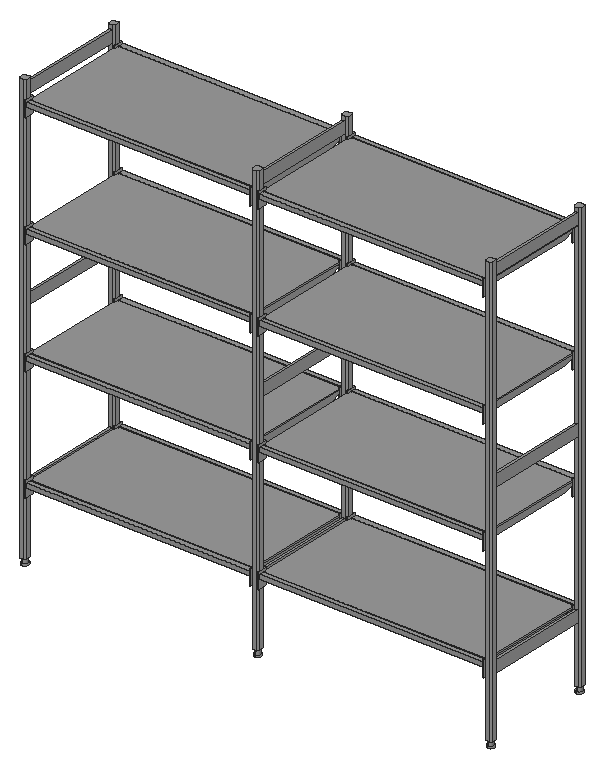
Revit family "QF_ELECTROLUXPROFESSIONAL_137042_BLS1872", category Attrezzature speciali, Revit 2020
Family settings
  Quota connettore circolare = Usa diametro
  Tipo di parte = Normale
  Basato su piano di lavoro = No
  Sempre verticale = Sì
  Taglio con vuoti quando caricato = No
  Condiviso = No
  Punto di calcolo locali = No
Parameters (values of type "Standard")
  Weight = 36.00 kg
  Watts = 0 W
  Volts = 0 V
  URL Manufacturer = "https://www.electroluxprofessional.com/"
  URL = "https://www.electroluxprofessional.com/"
  Steam Supply Size = 0 mm
  Steam Supply Minimum Pressure = 0.0 Pa
  Steam Supply Maximum Pressure = 0.0 Pa
  Steam Consumption per Hour = 0
  Refrigeration Suction Line Size = 0.0 mm
  Refrigeration Liquid Line Size = 0.0 mm
  Refrigerant Compressor Remote = yes
  Prospetto di default = 0.0 mm
  Phase = 0
  Modello = "BLS1872"
  Produttore = "Electrolux Professional"
  Length Actual = 1872.0 mm  # constant formula
  Item Number = "137042"
  Hot Water Size = 0 mm
  Height Actual = 1700.0 mm  # constant formula
  HP = "0 HP"
  Gas Size = 0 mm
  Gas KW = 0
  Gas Input Pressure = 0 W
  Direct Waste Size = 0 mm
  Descrizione = "ALUM.LINEAR SHELV.-POLY.TIERS-475X1872MM"
  Depth Actual = 475.0 mm  # constant formula
  Cycle = 0 Hz
  Condensate Return Size = 0 mm
  Compressed Air Volume = 0.0 L/s
  Compressed Air Size = 0 mm
  Compressed Air Pressure = 0.0 Pa
  Cold Water Size = 0 mm
  Accessory = yes
Reference planes
  plane 1: z = 0
  plane 2 "CenterLeft": x = -31
  plane 3 "LEFT": x = -417
  plane 4 "BACK": y = 23
  plane 5 "FRONT": y = -452
  plane 6 "TOP": z = 1700
  plane 7: x = -385
  plane 8: x = 501
  plane 9 "Center (Front/Back)": y = -214.5
  plane 10: y = -8.5
  plane 11: y = -420.5
  plane 12 "FEET": z = 25
  plane 13: z = 275
  plane 14: z = 725
  plane 15: z = 1175
  plane 16: z = 1625
  plane 17 "CXLeft": x = -403
  plane 18 "Center (Left/Right)": x = 519
  plane 19: y = 5.5
  plane 20 "CYBack": y = 5.5
  plane 21 "CYFront": y = -434.5
  plane 22 "RIGHT": x = 1455
  plane 23: x = 1423
  plane 24 "CXRight": x = 1441
  plane 25: x = 537
Forms (mm)
  Extrusion 1, solid, material "QF_Aluminum"
    sketch origin (-417, 0, -4.006) x (0, 1, 0) y (0, 0, 1)
      loop
        line (-12, 1637.003) -> (4, 1637.003) -> (4, 1655) -> (2.007, 1655) -> (2.007, 1648.501) -> (-431, 1648.501) -> (-431, 1655) -> (-433, 1655) -> (-433, 1637.003) -> (-417, 1637.003) -> (-383, 1625) -> (-46, 1625) -> (-12, 1637.003)
      loop
        line (-12, 1187.003) -> (4, 1187.003) -> (4, 1205) -> (2.007, 1205) -> (2.007, 1198.501) -> (-431, 1198.501) -> (-431, 1205) -> (-433, 1205) -> (-433, 1187.003) -> (-417, 1187.003) -> (-383, 1175) -> (-46, 1175) -> (-12, 1187.003)
      loop
        line (-12, 737.003) -> (4, 737.003) -> (4, 755) -> (2.007, 755) -> (2.007, 748.501) -> (-431, 748.501) -> (-431, 755) -> (-433, 755) -> (-433, 737.003) -> (-417, 737.003) -> (-383, 725) -> (-46, 725) -> (-12, 737.003)
      loop
        line (-12, 287.003) -> (4, 287.003) -> (4, 305) -> (2.007, 305) -> (2.007, 298.501) -> (-431, 298.501) -> (-431, 305) -> (-433, 305) -> (-433, 287.003) -> (-417, 287.003) -> (-383, 275) -> (-46, 275) -> (-12, 287.003)
    from 37 to 32
  Extrusion 2, solid, material "QF_Aluminum"
    sketch origin (-417, 0, 0) x (0, 1, 0) y (0, 0, 1)
      loop
        line (23, 246.005) -> (23, 307.993) -> (-12.993, 307.993) -> (-12.993, 246.005) -> (23, 246.005)
      loop
        line (-452, 246.005) -> (-416.007, 246.005) -> (-416.007, 307.993) -> (-452, 307.993) -> (-452, 246.005)
      loop
        line (23, 696.005) -> (23, 757.993) -> (-12.993, 757.993) -> (-12.993, 696.005) -> (23, 696.005)
      loop
        line (-452, 696.005) -> (-416.007, 696.005) -> (-416.007, 757.993) -> (-452, 757.993) -> (-452, 696.005)
      loop
        line (23, 1146.005) -> (23, 1207.993) -> (-12.993, 1207.993) -> (-12.993, 1146.005) -> (23, 1146.005)
      loop
        line (-452, 1146.005) -> (-416.007, 1146.005) -> (-416.007, 1207.993) -> (-452, 1207.993) -> (-452, 1146.005)
      loop
        line (23, 1596.005) -> (23, 1657.993) -> (-12.993, 1657.993) -> (-12.993, 1596.005) -> (23, 1596.005)
      loop
        line (-452, 1596.005) -> (-416.007, 1596.005) -> (-416.007, 1657.993) -> (-452, 1657.993) -> (-452, 1596.005)
    from 28 to 32
  Extrusion 3, solid, material "QF_Aluminum"
    sketch origin (-417, 0, 0) x (0, 1, 0) y (0, 0, 1)
      loop
        line (4, 1650.994) -> (4, 1632.998) -> (23, 1632.998) -> (23, 1650.994) -> (4, 1650.994)
      loop
        line (-433, 1650.994) -> (-452, 1650.994) -> (-452, 1632.998) -> (-433, 1632.998) -> (-433, 1650.994)
      loop
        line (4, 1200.994) -> (4, 1182.998) -> (23, 1182.998) -> (23, 1200.994) -> (4, 1200.994)
      loop
        line (-433, 1200.994) -> (-452, 1200.994) -> (-452, 1182.998) -> (-433, 1182.998) -> (-433, 1200.994)
      loop
        line (4, 750.994) -> (4, 732.998) -> (23, 732.998) -> (23, 750.994) -> (4, 750.994)
      loop
        line (-433, 750.994) -> (-452, 750.994) -> (-452, 732.998) -> (-433, 732.998) -> (-433, 750.994)
      loop
        line (4, 300.994) -> (4, 282.998) -> (23, 282.998) -> (23, 300.994) -> (4, 300.994)
      loop
        line (-433, 300.994) -> (-452, 300.994) -> (-452, 282.998) -> (-433, 282.998) -> (-433, 300.994)
    from 32 to 918
  Extrusion 4, solid, material "QF_Polyethylene"
    sketch origin (-417, 0, 0) x (0, 1, 0) y (0, 0, 1)
      loop
        line (2.007, 1650.994) -> (-431, 1650.994) -> (-431, 1644.496) -> (2.007, 1644.496) -> (2.007, 1650.994)
      loop
        line (2.007, 1200.994) -> (-431, 1200.994) -> (-431, 1194.496) -> (2.007, 1194.496) -> (2.007, 1200.994)
      loop
        line (2.007, 750.994) -> (-431, 750.994) -> (-431, 744.496) -> (2.007, 744.496) -> (2.007, 750.994)
      loop
        line (2.007, 300.994) -> (-431, 300.994) -> (-431, 294.496) -> (2.007, 294.496) -> (2.007, 300.994)
    from 32 to 918
  Extrusion 5, solid, material "QF_Aluminum"
    sketch origin (1455, 0, 0) x (0, 1, 0) y (0, 0, 1)
      loop
        line (4, 1650.994) -> (4, 1632.998) -> (23, 1632.998) -> (23, 1650.994) -> (4, 1650.994)
      loop
        line (-433, 1650.994) -> (-452, 1650.994) -> (-452, 1632.998) -> (-433, 1632.998) -> (-433, 1650.994)
      loop
        line (4, 1200.994) -> (4, 1182.998) -> (23, 1182.998) -> (23, 1200.994) -> (4, 1200.994)
      loop
        line (-433, 1200.994) -> (-452, 1200.994) -> (-452, 1182.998) -> (-433, 1182.998) -> (-433, 1200.994)
      loop
        line (4, 750.994) -> (4, 732.998) -> (23, 732.998) -> (23, 750.994) -> (4, 750.994)
      loop
        line (-433, 750.994) -> (-452, 750.994) -> (-452, 732.998) -> (-433, 732.998) -> (-433, 750.994)
      loop
        line (4, 300.994) -> (4, 282.998) -> (23, 282.998) -> (23, 300.994) -> (4, 300.994)
      loop
        line (-433, 300.994) -> (-452, 300.994) -> (-452, 282.998) -> (-433, 282.998) -> (-433, 300.994)
    from -32 to -918
  Extrusion 6, solid, material "QF_Polyethylene"
    sketch origin (1455, 0, 0) x (0, 1, 0) y (0, 0, 1)
      loop
        line (2.007, 1650.994) -> (-431, 1650.994) -> (-431, 1644.496) -> (2.007, 1644.496) -> (2.007, 1650.994)
      loop
        line (2.007, 1200.994) -> (-431, 1200.994) -> (-431, 1194.496) -> (2.007, 1194.496) -> (2.007, 1200.994)
      loop
        line (2.007, 750.994) -> (-431, 750.994) -> (-431, 744.496) -> (2.007, 744.496) -> (2.007, 750.994)
      loop
        line (2.007, 300.994) -> (-431, 300.994) -> (-431, 294.496) -> (2.007, 294.496) -> (2.007, 300.994)
    from -32 to -918
Lines and regions (mm)
  symbolic lines
    curve 1: line (501, 4, 1700) -> (-385, 4, 1700)
    curve 2: line (-408, -8.5, 1700) -> (-408, -420.5, 1700)
    curve 3: line (-398, -420.5, 1700) -> (-398, -8.5, 1700)
    curve 4: line (-389, 23, 1700) -> (505, 23, 1700)
    curve 5: line (-385, -452, 1700) -> (501, -452, 1700)
    curve 6: line (533, 23, 1700) -> (1427, 23, 1700)
    curve 7: line (533, -452, 1700) -> (1427, -452, 1700)
    curve 8: line (-385, -433, 1700) -> (501, -433, 1700)
    curve 9: line (537, -433, 1700) -> (1423, -433, 1700)
    curve 10: line (537, 4, 1700) -> (1423, 4, 1700)
    curve 11: line (1423, -12.993, 1700) -> (1423, -416.007, 1700)
    curve 12: line (501, -12.993, 1700) -> (501, -416.007, 1700)
    curve 13: line (537, -416.007, 1700) -> (537, -12.993, 1700)
    curve 14: line (-385, -12.993, 1700) -> (-385, -416.007, 1700)
Dimensions and locks
  plane 3 "LEFT" to plane 2 "CenterLeft" = 386.0 mm
  locked: plane 6 "TOP" to level at 1700
  locked: plane 4 "BACK" to plane 5 "FRONT" at 475
  locked: plane 7 to plane 8 at 886
  locked: plane 10 to plane 11 at 412
  equal spacing: plane 10, plane 9 "Center (Front/Back)", plane 11
  equal spacing: plane 4 "BACK", plane 9 "Center (Front/Back)", plane 5 "FRONT"
  plane 12 "FEET" to level = 25.0 mm
  plane 6 "TOP" to plane 12 "FEET" = 1675.0 mm
  plane 13 to plane 12 "FEET" = 250.0 mm
  plane 14 to plane 13 = 450.0 mm
  plane 15 to plane 14 = 450.0 mm
  plane 16 to plane 15 = 450.0 mm
  locked: plane 4 "BACK" to plane 20 "CYBack" at 17.5
  locked: plane 21 "CYFront" to plane 5 "FRONT" at 17.5
  locked: plane 4 "BACK" to Extrusion 1 at 19
  locked: Extrusion 1 to plane 5 "FRONT" at 19
  Extrusion 1 sketch curve to plane 21 "CYFront" = 3.5 mm
  plane 3 "LEFT" to plane 22 "RIGHT" = 1872.0 mm
  locked: plane 25 to plane 23 at 886
  locked: plane 8 to plane 18 "Center (Left/Right)" at 18
  locked: plane 18 "Center (Left/Right)" to plane 25 at 18
  locked: plane 3 "LEFT" to plane 7 at 32
  locked: plane 24 "CXRight" to plane 22 "RIGHT" at 14
  aligned and locked: level to plane 1
  aligned and locked: plane 7 to Extrusion 1
  aligned and locked: Extrusion 2 to plane 7
  aligned and locked: plane 7 to Extrusion 4
  aligned and locked: Extrusion 4 to plane 8
  aligned and locked: plane 7 to Extrusion 3
  aligned and locked: Extrusion 3 to plane 8
  aligned and locked: Extrusion 3 sketch curve to Extrusion 1
  aligned and locked: Extrusion 1 to Extrusion 3 sketch curve
  aligned and locked: Extrusion 3 sketch curve to Extrusion 3 sketch curve  (x2)
  aligned and locked: Extrusion 1 sketch curve to Extrusion 1 sketch curve  (x3)
  aligned and locked: Extrusion 4 sketch curve to Extrusion 1  (x4)
  aligned and locked: Extrusion 5 sketch curve to Extrusion 5 sketch curve  (x2)
  aligned and locked: Extrusion 5 to plane 25
  aligned and locked: Extrusion 6 to plane 25
  aligned and locked: nested 3 to plane 18 "Center (Left/Right)"
  aligned and locked: nested 1 to plane 17 "CXLeft"
  aligned and locked: Extrusion 3 to plane 7  (x3)
  aligned and locked: plane 8 to Extrusion 3  (x4)
  aligned and locked: plane 25 to Extrusion 5  (x4)
  aligned and locked: plane 25 to Extrusion 6  (x4)
  aligned and locked: plane 8 to Extrusion 4  (x4)
  aligned and locked: nested 2 to plane 24 "CXRight"
  aligned and locked: Extrusion 5 to plane 23
  aligned and locked: Extrusion 6 to plane 23
  aligned and locked: plane 23 to Extrusion 5  (x3)
  aligned and locked: plane 23 to Extrusion 6  (x3)
Automatic sketch dimensions
  plane 21 "CYFront" to Extrusion 1 sketch curve = 1.5 mm  (x4)
  plane 11 to Extrusion 1 sketch curve = 3.5 mm  (x4)
  Extrusion 1 sketch curve to plane 13 = 4.006 mm
  Extrusion 1 sketch curve to Extrusion 1 sketch curve = 34.0 mm  (x4)
  Extrusion 1 sketch curve to plane 14 = 4.006 mm
  Extrusion 1 sketch curve to plane 15 = 4.006 mm
  Extrusion 1 sketch curve to plane 16 = 4.006 mm
  Extrusion 1 sketch curve to plane 10 = 37.5 mm  (x4)
  Extrusion 1 sketch curve to plane 10 = 3.5 mm  (x4)
  plane 19 to Extrusion 1 sketch curve = 3.493 mm  (x4)
  plane 19 to Extrusion 1 sketch curve = 1.5 mm  (x4)
  plane 13 to Extrusion 1 sketch curve = 7.998 mm  (x2)
  Extrusion 1 sketch curve to Extrusion 1 sketch curve = 11.498 mm  (x4)
  Extrusion 1 sketch curve to Extrusion 1 sketch curve = 6.499 mm  (x8)
  plane 14 to Extrusion 1 sketch curve = 7.998 mm  (x2)
  plane 15 to Extrusion 1 sketch curve = 7.998 mm  (x2)
  plane 16 to Extrusion 1 sketch curve = 7.998 mm  (x2)
  Extrusion 2 sketch curve to plane 5 "FRONT" = 0.0 mm  (x4)
  Extrusion 2 sketch curve to plane 4 "BACK" = 0.0 mm  (x4)
  plane 11 to Extrusion 2 sketch curve = 4.493 mm  (x4)
  Extrusion 2 sketch curve to plane 10 = 4.493 mm  (x4)
  Extrusion 2 sketch curve to plane 13 = 28.995 mm  (x2)
  plane 13 to Extrusion 2 sketch curve = 32.993 mm  (x2)
  Extrusion 2 sketch curve to plane 14 = 28.995 mm  (x2)
  plane 14 to Extrusion 2 sketch curve = 32.993 mm  (x2)
  Extrusion 2 sketch curve to plane 15 = 28.995 mm  (x2)
  plane 15 to Extrusion 2 sketch curve = 32.993 mm  (x2)
  Extrusion 2 sketch curve to plane 16 = 28.995 mm  (x2)
  plane 16 to Extrusion 2 sketch curve = 32.993 mm  (x2)
  Extrusion 3 sketch curve to plane 5 "FRONT" = 0.0 mm  (x4)
  Extrusion 3 sketch curve to plane 4 "BACK" = 0.0 mm  (x4)
  plane 19 to Extrusion 3 sketch curve = 1.5 mm  (x4)
  plane 13 to Extrusion 3 sketch curve = 7.998 mm  (x2)
  Extrusion 3 sketch curve to Extrusion 3 sketch curve = 17.997 mm  (x8)
  plane 14 to Extrusion 3 sketch curve = 7.998 mm  (x2)
  plane 15 to Extrusion 3 sketch curve = 7.998 mm  (x2)
  plane 16 to Extrusion 3 sketch curve = 7.998 mm  (x2)
  plane 19 to Extrusion 4 sketch curve = 3.493 mm  (x4)
  plane 13 to Extrusion 4 sketch curve = 19.496 mm
  Extrusion 4 sketch curve to Extrusion 4 sketch curve = 6.499 mm  (x4)
  plane 14 to Extrusion 4 sketch curve = 19.496 mm
  plane 15 to Extrusion 4 sketch curve = 19.496 mm
  plane 16 to Extrusion 4 sketch curve = 19.496 mm
  Extrusion 5 sketch curve to plane 5 "FRONT" = 0.0 mm  (x4)
  Extrusion 5 sketch curve to plane 4 "BACK" = 0.0 mm  (x4)
  plane 21 "CYFront" to Extrusion 5 sketch curve = 1.5 mm  (x2)
  plane 19 to Extrusion 5 sketch curve = 1.5 mm  (x4)
  plane 13 to Extrusion 5 sketch curve = 7.998 mm  (x2)
  Extrusion 5 sketch curve to Extrusion 5 sketch curve = 17.997 mm  (x8)
  plane 14 to Extrusion 5 sketch curve = 7.998 mm  (x2)
  plane 15 to Extrusion 5 sketch curve = 7.998 mm  (x2)
  plane 16 to Extrusion 5 sketch curve = 7.998 mm  (x2)
  plane 21 "CYFront" to Extrusion 6 sketch curve = 3.5 mm  (x4)
  plane 19 to Extrusion 6 sketch curve = 3.493 mm  (x4)
  plane 13 to Extrusion 6 sketch curve = 19.496 mm
  Extrusion 6 sketch curve to Extrusion 6 sketch curve = 6.499 mm  (x4)
  plane 14 to Extrusion 6 sketch curve = 19.496 mm
  plane 15 to Extrusion 6 sketch curve = 19.496 mm
  plane 16 to Extrusion 6 sketch curve = 19.496 mm
  curve 7 to plane 5 "FRONT" = 0.0 mm
  curve 5 to plane 5 "FRONT" = 0.0 mm
  curve 8 to plane 8 = 0.0 mm
  curve 9 to plane 25 = 0.0 mm
  curve 9 to plane 23 = 0.0 mm
  curve 8 to plane 7 = 0.0 mm
  curve 2 to plane 11 = 0.0 mm
  curve 3 to plane 11 = 0.0 mm
  curve 14 to plane 7 = 0.0 mm
  curve 13 to plane 25 = 0.0 mm
  curve 12 to plane 8 = 0.0 mm
  curve 11 to plane 23 = 0.0 mm
  curve 3 to plane 10 = 0.0 mm
  curve 2 to plane 10 = 0.0 mm
  curve 1 to plane 8 = 0.0 mm
  curve 1 to plane 7 = 0.0 mm
  curve 10 to plane 23 = 0.0 mm
  curve 10 to plane 25 = 0.0 mm
  curve 4 to plane 4 "BACK" = 0.0 mm
  curve 6 to plane 4 "BACK" = 0.0 mm
  curve 5 to plane 8 = 0.0 mm
  curve 5 to plane 7 = 0.0 mm
  plane 21 "CYFront" to curve 8 = 1.5 mm
  plane 21 "CYFront" to curve 9 = 1.5 mm
  plane 11 to curve 14 = 4.493 mm
  plane 11 to curve 13 = 4.493 mm
  plane 11 to curve 12 = 4.493 mm
  plane 11 to curve 11 = 4.493 mm
  curve 14 to plane 10 = 4.493 mm
  curve 13 to plane 10 = 4.493 mm
  curve 12 to plane 10 = 4.493 mm
  curve 11 to plane 10 = 4.493 mm
  plane 19 to curve 1 = 1.5 mm
  plane 19 to curve 10 = 1.5 mm
  curve 6 to plane 23 = 4.0 mm
  curve 7 to plane 23 = 4.0 mm
  curve 6 to plane 25 = 4.0 mm
  curve 7 to plane 25 = 4.0 mm
  curve 4 to plane 8 = 4.0 mm
  plane 7 to curve 4 = 4.0 mm
  plane 17 "CXLeft" to curve 3 = 5.0 mm
  curve 2 to plane 17 "CXLeft" = 5.0 mm
Nested families
  nested 1: "WT_Anta475" at (0, 0, 0), type "WT_Anta475"
  nested 2: "WT_Anta475" at (1038, 0, 0) x (-1, 0, 0) z (0, 0, 1), type "WT_Anta475"
  nested 3: "WT_Anta475Center" at (922, 0, 0), type "WT_Anta475Center"
Definition of nested family "WT_Anta475"
  Parameters
    WidthLeft = A + 64.0 mm  # 772.0 mm
    Width = 1606.0 mm
    Right = WidthLeft / 2  # 386.0 mm
    Default Elevation = 0.0 mm
    Left = -WidthLeft / 2  # -386.0 mm
    Height = 1725.0 mm
    FEET = 25.0 mm
    E = 0.0 mm
    Dint = Depth - 63.0 mm  # 412.0 mm
    Dext = Depth - 8.0 mm  # 467.0 mm
    Depth = 475.0 mm
    DX = (WidthLeft - A) / 2  # 32.0 mm
    B = 798.0 mm
    A = 708.0 mm
  Reference planes
    plane 1: z = 0
    plane 2 "LEFT": x = -417
    plane 3 "BACK": y = 23
    plane 4 "FRONT": y = -452
    plane 5 "TOP": z = 1725
    plane 6 "Center (Front/Back)": y = -214.5
    plane 7: y = -8.5
    plane 8: y = -420.5
    plane 9 "FEET": z = 25
    plane 10: z = 275
    plane 11: z = 725
    plane 12: z = 1175
    plane 13: z = 1625
    plane 14 "CXLeft": x = -403
    plane 15: y = 5.5
    plane 16 "CYBack": y = 5.5
    plane 17 "CYFront": y = -434.5
    plane 18: x = -385.031
    plane 19: x = -380.031
  Forms (mm)
    Extrusion 1, solid
      sketch origin (0, 0, 0) x (1, 0, 0) y (0, 1, 0)
        loop
          line (-417, 13.246) -> (-417, -2.246) -> (-410.746, -8.5) -> (-395.254, -8.5) -> (-389, -2.246) -> (-389, 13.246) -> (-395.254, 19.5) -> (-410.746, 19.5) -> (-417, 13.246)
      from 1725 to 25
    Extrusion 2, solid
      sketch origin (-417, 0, 0) x (0, 1, 0) y (0, 0, 1)
        loop
          line (23, 246.005) -> (23, 307.993) -> (-12.993, 307.993) -> (-12.993, 246.005) -> (23, 246.005)
        loop
          line (-452, 246.005) -> (-416.007, 246.005) -> (-416.007, 307.993) -> (-452, 307.993) -> (-452, 246.005)
        loop
          line (23, 696.005) -> (23, 757.993) -> (-12.993, 757.993) -> (-12.993, 696.005) -> (23, 696.005)
        loop
          line (-452, 696.005) -> (-416.007, 696.005) -> (-416.007, 757.993) -> (-452, 757.993) -> (-452, 696.005)
        loop
          line (23, 1146.005) -> (23, 1207.993) -> (-12.993, 1207.993) -> (-12.993, 1146.005) -> (23, 1146.005)
        loop
          line (-452, 1146.005) -> (-416.007, 1146.005) -> (-416.007, 1207.993) -> (-452, 1207.993) -> (-452, 1146.005)
        loop
          line (23, 1596.005) -> (23, 1657.993) -> (-12.993, 1657.993) -> (-12.993, 1596.005) -> (23, 1596.005)
        loop
          line (-452, 1596.005) -> (-416.007, 1596.005) -> (-416.007, 1657.993) -> (-452, 1657.993) -> (-452, 1596.005)
      from 28 to 32
    Revolve 3, solid
      sketch origin (-403, 0, 0) x (0, 1, 0) y (0, 0, 1)
        loop
          line (5.5, 25) -> (5.5, 0) -> (19, 0) -> (19, 5) -> (14, 5) -> (14, 25) -> (5.5, 25)
        axis (5.5, 25) -> (5.5, 0)
      angle from 0 to 360
    Extrusion 4, solid
      sketch origin (-403, 0, 0) x (0, 1, 0) y (0, 0, 1)
        loop
          line (-8.5, 912.382) -> (-8.5, 957.374) -> (-420.5, 957.374) -> (-420.5, 912.382) -> (-8.5, 912.382)
        loop
          line (-8.5, 1662.244) -> (-8.5, 1707.236) -> (-420.5, 1707.236) -> (-420.5, 1662.244) -> (-8.5, 1662.244)
      from -5 to 5
    Revolve 5, solid
      sketch origin (-403, -627, 0) x (0, -1, 0) y (0, 0, 1)
        loop
          line (-192.5, 25) -> (-192.5, 0) -> (-179, 0) -> (-179, 5) -> (-184, 5) -> (-184, 25) -> (-192.5, 25)
        axis (-192.5, 25) -> (-192.5, 0)
      angle from 0 to 360
    Extrusion 6, solid
      sketch origin (0, -627, 0) x (1, 0, 0) y (0, 1, 0)
        loop
          line (-417, 184.754) -> (-410.746, 178.5) -> (-395.254, 178.5) -> (-389, 184.754) -> (-389, 200.246) -> (-395.254, 206.5) -> (-410.746, 206.5) -> (-417, 200.246) -> (-417, 184.754)
      from 1725 to 25
    Extrusion 7, solid
      sketch origin (-417.031, -0.022, 0) x (0, 1, 0) y (0, 0, -1)
        loop
          line (-12, -1632.998) -> (-46, -1620.994) -> (-383, -1620.994) -> (-417, -1632.998) -> (-433, -1632.998) -> (-433, -1650.994) -> (-431, -1650.994) -> (-431, -1644.496) -> (2.007, -1644.496) -> (2.007, -1650.994) -> (4, -1650.994) -> (4, -1632.998) -> (-12, -1632.998)
        loop
          line (-12, -1182.998) -> (-46, -1170.994) -> (-383, -1170.994) -> (-417, -1182.998) -> (-433, -1182.998) -> (-433, -1200.994) -> (-431, -1200.994) -> (-431, -1194.496) -> (2.007, -1194.496) -> (2.007, -1200.994) -> (4, -1200.994) -> (4, -1182.998) -> (-12, -1182.998)
        loop
          line (-12, -732.998) -> (-46, -720.994) -> (-383, -720.994) -> (-417, -732.998) -> (-433, -732.998) -> (-433, -750.994) -> (-431, -750.994) -> (-431, -744.496) -> (2.007, -744.496) -> (2.007, -750.994) -> (4, -750.994) -> (4, -732.998) -> (-12, -732.998)
        loop
          line (-12, -282.998) -> (-46, -270.994) -> (-383, -270.994) -> (-417, -282.998) -> (-433, -282.998) -> (-433, -300.994) -> (-431, -300.994) -> (-431, -294.496) -> (2.007, -294.496) -> (2.007, -300.994) -> (4, -300.994) -> (4, -282.998) -> (-12, -282.998)
      from -32 to -37
    Extrusion 8, solid
      sketch origin (-403, 0, -659.878) x (0, 1, 0) y (0, 0, 1)
        loop
          line (-8.5, 912.382) -> (-8.5, 957.374) -> (-420.5, 957.374) -> (-420.5, 912.382) -> (-8.5, 912.382)
        loop
          line (-8.5, 1572.382) -> (-8.5, 1617.374) -> (-420.5, 1617.374) -> (-420.5, 1572.382) -> (-8.5, 1572.382)
        loop
          line (-8.5, 2322.382) -> (-8.5, 2367.374) -> (-420.5, 2367.374) -> (-420.5, 2322.382) -> (-8.5, 2322.382)
      from -5 to 5
  Lines and regions (mm)
    symbolic lines
      curve 1: line (-408, -8.5, 1725) -> (-408, -420.5, 1725)
      curve 2: line (-398, -420.5, 1725) -> (-398, -8.5, 1725)
      curve 3: line (-395.254, -8.5, 1725) -> (-410.746, -8.5, 1725)
      curve 4: line (-417, -2.246, 1725) -> (-410.746, -8.5, 1725)
      curve 5: line (-417, 13.246, 1725) -> (-417, -2.246, 1725)
      curve 6: line (-410.746, 19.5, 1725) -> (-417, 13.246, 1725)
      curve 7: line (-395.254, 19.5, 1725) -> (-410.746, 19.5, 1725)
      curve 8: line (-389, 13.246, 1725) -> (-395.254, 19.5, 1725)
      curve 9: line (-395.254, -8.5, 1725) -> (-389, -2.246, 1725)
      curve 10: line (-395.254, -420.5, 1725) -> (-410.746, -420.5, 1725)
      curve 11: line (-417, -426.754, 1725) -> (-410.746, -420.5, 1725)
      curve 12: line (-410.746, -448.5, 1725) -> (-417, -442.246, 1725)
      curve 13: line (-395.254, -448.5, 1725) -> (-410.746, -448.5, 1725)
      curve 14: line (-389, -442.246, 1725) -> (-395.254, -448.5, 1725)
      curve 15: line (-395.254, -420.5, 1725) -> (-389, -426.754, 1725)
      curve 16: line (-389, -452, 1725) -> (-389, -416.007, 1725)
      curve 17: line (-389, -416.007, 1725) -> (-385, -416.007, 1725)
      curve 18: line (-389, 23, 1725) -> (-389, -12.993, 1725)
      curve 19: line (-389, -12.993, 1725) -> (-385, -12.993, 1725)
      curve 20: line (-417, -426.754, 1725) -> (-417, -442.246, 1725)
      curve 21: line (-385, -452, 1725) -> (-385, -416.007, 1725)
      curve 22: line (-385, -452, 1725) -> (-389, -452, 1725)
      curve 23: line (-385, 23, 1725) -> (-389, 23, 1725)
      curve 24: line (-385, -12.993, 1725) -> (-385, 23, 1725)
      curve 25: line (-385.031, -13.016, 1725) -> (-385.031, -416.029, 1725)
  Dimensions and locks
    "Height": plane 5 "TOP" to level
    "Depth": plane 3 "BACK" to plane 4 "FRONT"
    "Dint": plane 7 to plane 8
    equal spacing: plane 7, plane 6 "Center (Front/Back)", plane 8
    equal spacing: plane 3 "BACK", plane 6 "Center (Front/Back)", plane 4 "FRONT"
    plane 9 "FEET" to level = 25.0 mm
    plane 5 "TOP" to plane 9 "FEET" = 1700.0 mm
    plane 10 to plane 9 "FEET" = 250.0 mm
    plane 11 to plane 10 = 450.0 mm
    plane 12 to plane 11 = 450.0 mm
    plane 13 to plane 12 = 450.0 mm
    locked: plane 2 "LEFT" to plane 14 "CXLeft" at 14
    locked: plane 3 "BACK" to plane 16 "CYBack" at 17.5
    locked: plane 17 "CYFront" to plane 4 "FRONT" at 17.5
    locked: Revolve 3 sketch curve to Revolve 3 sketch curve at 8.5
    locked: Revolve 3 sketch curve to plane 16 "CYBack" at 13.5
    locked: Revolve 5 sketch curve to Revolve 5 sketch curve at 8.5
    aligned and locked: level to plane 1
    aligned and locked: curve 20 to Extrusion 6
    aligned and locked: plane 5 "TOP" to Extrusion 1
    aligned and locked: plane 5 "TOP" to Extrusion 6
    aligned and locked: Extrusion 7 sketch curve to Extrusion 7 sketch curve  (x3)
  Automatic sketch dimensions
    curve 16 to plane 4 "FRONT" = 0.0 mm
    curve 11 to plane 8 = 0.0 mm
    curve 9 to plane 7 = 0.0 mm
    curve 5 to plane 2 "LEFT" = 0.0 mm
    curve 23 to plane 3 "BACK" = 0.0 mm
    plane 4 "FRONT" to curve 13 = 3.5 mm
    curve 20 to plane 17 "CYFront" = 7.746 mm
    curve 20 to plane 8 = 6.254 mm
    plane 8 to curve 16 = 4.493 mm
    curve 24 to plane 18 = 0.031 mm
    curve 24 to plane 7 = 4.493 mm
    plane 7 to curve 5 = 6.254 mm
    curve 5 to plane 15 = 7.746 mm
    curve 6 to plane 3 "BACK" = 3.5 mm
    curve 21 to plane 18 = 0.031 mm
    plane 18 to curve 23 = 3.969 mm
    plane 18 to curve 16 = 3.969 mm
    curve 18 to curve 8 = 6.254 mm
    curve 18 to curve 3 = 6.254 mm
    curve 16 to curve 13 = 6.254 mm
    curve 16 to curve 15 = 6.254 mm
    plane 2 "LEFT" to curve 10 = 6.254 mm
    plane 2 "LEFT" to curve 7 = 6.254 mm
    plane 2 "LEFT" to curve 12 = 6.254 mm
    plane 2 "LEFT" to curve 3 = 6.254 mm
    curve 14 to plane 17 "CYFront" = 7.746 mm
    curve 15 to plane 8 = 6.254 mm
    plane 7 to curve 9 = 6.254 mm
    curve 8 to plane 15 = 7.746 mm
    curve 3 to curve 2 = 2.746 mm
    curve 1 to curve 10 = 2.746 mm
    Extrusion 1 sketch curve to plane 2 "LEFT" = 0.0 mm
    Extrusion 1 sketch curve to plane 7 = 0.0 mm
    plane 2 "LEFT" to Extrusion 1 sketch curve = 6.254 mm  (x2)
    plane 14 "CXLeft" to Extrusion 1 sketch curve = 7.746 mm  (x2)
    Extrusion 1 sketch curve to plane 3 "BACK" = 3.5 mm
    plane 18 to Extrusion 1 sketch curve = 3.969 mm
    plane 7 to Extrusion 1 sketch curve = 6.254 mm  (x2)
    Extrusion 1 sketch curve to plane 15 = 7.746 mm  (x2)
    Extrusion 2 sketch curve to plane 4 "FRONT" = 0.0 mm  (x4)
    Extrusion 2 sketch curve to plane 3 "BACK" = 0.0 mm  (x4)
    plane 8 to Extrusion 2 sketch curve = 4.493 mm  (x4)
    Extrusion 2 sketch curve to plane 7 = 4.493 mm  (x4)
    Extrusion 2 sketch curve to plane 10 = 28.995 mm  (x2)
    plane 10 to Extrusion 2 sketch curve = 32.993 mm  (x2)
    Extrusion 2 sketch curve to plane 11 = 28.995 mm  (x2)
    plane 11 to Extrusion 2 sketch curve = 32.993 mm  (x2)
    Extrusion 2 sketch curve to plane 12 = 28.995 mm  (x2)
    plane 12 to Extrusion 2 sketch curve = 32.993 mm  (x2)
    Extrusion 2 sketch curve to plane 13 = 28.995 mm  (x2)
    plane 13 to Extrusion 2 sketch curve = 32.993 mm  (x2)
    Revolve 3 sketch curve to plane 9 "FEET" = 0.0 mm  (x2)
    Revolve 3 sketch curve to plane 15 = 0.0 mm  (x2)
    Revolve 3 sketch curve to level = 0.0 mm
    level to Revolve 3 sketch curve = 5.0 mm
    Revolve 3 sketch curve to Revolve 3 sketch curve = 11.655 mm
    Extrusion 4 sketch curve to plane 8 = 0.0 mm  (x2)
    Extrusion 4 sketch curve to plane 7 = 0.0 mm  (x2)
    plane 11 to Extrusion 4 sketch curve = 187.382 mm
    Extrusion 4 sketch curve to Extrusion 4 sketch curve = 44.992 mm
    plane 13 to Extrusion 4 sketch curve = 37.244 mm
    Extrusion 4 sketch curve to plane 5 "TOP" = 17.764 mm
    Revolve 5 sketch curve to plane 9 "FEET" = 0.0 mm  (x2)
    Revolve 5 sketch curve to plane 17 "CYFront" = 0.0 mm  (x2)
    Revolve 5 sketch curve to level = 0.0 mm
    Revolve 5 sketch curve to plane 4 "FRONT" = 4.0 mm
    Revolve 5 sketch curve to Revolve 5 sketch curve = 5.0 mm
    level to Revolve 5 sketch curve = 11.655 mm
    Extrusion 6 sketch curve to plane 2 "LEFT" = 0.0 mm
    Extrusion 6 sketch curve to plane 8 = 0.0 mm
    Extrusion 6 sketch curve to plane 2 "LEFT" = 6.254 mm  (x2)
    Extrusion 6 sketch curve to plane 14 "CXLeft" = 7.746 mm  (x2)
    Extrusion 6 sketch curve to plane 4 "FRONT" = 3.5 mm
    Extrusion 6 sketch curve to plane 18 = 3.969 mm
    plane 8 to Extrusion 6 sketch curve = 6.254 mm  (x2)
    plane 17 "CYFront" to Extrusion 6 sketch curve = 7.746 mm  (x2)
    plane 17 "CYFront" to Extrusion 7 sketch curve = 1.478 mm  (x4)
    Extrusion 7 sketch curve to Extrusion 7 sketch curve = 2.0 mm
    plane 8 to Extrusion 7 sketch curve = 3.478 mm  (x4)
    Extrusion 7 sketch curve to plane 10 = 4.006 mm
    Extrusion 7 sketch curve to Extrusion 7 sketch curve = 34.0 mm  (x4)
    Extrusion 7 sketch curve to plane 11 = 4.006 mm
    Extrusion 7 sketch curve to plane 12 = 4.006 mm
    Extrusion 7 sketch curve to plane 13 = 4.006 mm
    Extrusion 7 sketch curve to plane 7 = 37.522 mm  (x4)
    Extrusion 7 sketch curve to plane 7 = 3.522 mm  (x4)
    plane 15 to Extrusion 7 sketch curve = 3.516 mm  (x4)
    plane 15 to Extrusion 7 sketch curve = 1.522 mm  (x4)
    plane 13 to Extrusion 7 sketch curve = 7.998 mm  (x2)
    Extrusion 7 sketch curve to Extrusion 7 sketch curve = 11.498 mm
    Extrusion 7 sketch curve to Extrusion 7 sketch curve = 6.499 mm  (x5)
    plane 12 to Extrusion 7 sketch curve = 25.994 mm  (x2)
    plane 12 to Extrusion 7 sketch curve = 7.998 mm  (x2)
    plane 11 to Extrusion 7 sketch curve = 25.994 mm  (x2)
    plane 11 to Extrusion 7 sketch curve = 7.998 mm  (x2)
    plane 10 to Extrusion 7 sketch curve = 25.994 mm  (x2)
    plane 10 to Extrusion 7 sketch curve = 7.998 mm  (x2)
    curve 25 to plane 18 = 0.0 mm
    plane 8 to curve 25 = 4.471 mm
    curve 25 to plane 7 = 4.516 mm
    Extrusion 8 sketch curve to plane 8 = 0.0 mm  (x3)
    Extrusion 8 sketch curve to plane 7 = 0.0 mm  (x3)
    Extrusion 8 sketch curve to plane 10 = 22.496 mm
    plane 10 to Extrusion 8 sketch curve = 22.496 mm
    plane 11 to Extrusion 8 sketch curve = 187.504 mm
    Extrusion 8 sketch curve to Extrusion 8 sketch curve = 44.992 mm
    plane 13 to Extrusion 8 sketch curve = 37.504 mm
    Extrusion 8 sketch curve to plane 5 "TOP" = 17.504 mm
Definition of nested family "WT_Anta475Center"
  Parameters
    WidthLeft = A + 64.0 mm  # 772.0 mm
    Width = 1606.0 mm
    Right = WidthLeft / 2  # 386.0 mm
    Default Elevation = 0.0 mm
    Left = -WidthLeft / 2  # -386.0 mm
    Height = 1725.0 mm
    FEET = 25.0 mm
    E = 0.0 mm
    Dint = Depth - 63.0 mm  # 412.0 mm
    Dext = Depth - 8.0 mm  # 467.0 mm
    Depth = 475.0 mm
    DX = (WidthLeft - A) / 2  # 32.0 mm
    B = 798.0 mm
    A = 708.0 mm
  Reference planes
    plane 1: z = 0
    plane 2 "L": x = -417
    plane 3 "BACK": y = 23
    plane 4 "FRONT": y = -452
    plane 5 "TOP": z = 1725
    plane 6 "Center (Front/Back)": y = -214.5
    plane 7: y = -8.5
    plane 8: y = -420.5
    plane 9 "FEET": z = 25
    plane 10: z = 275
    plane 11: z = 725
    plane 12: z = 1175
    plane 13: z = 1625
    plane 14 "CXLeft": x = -403
    plane 15: y = 5.5
    plane 16 "CYBack": y = 5.5
    plane 17 "CYFront": y = -434.5
    plane 18: x = -385.031
    plane 19 "RIGHT": x = -380.031
    plane 20: x = -420.969
    plane 21 "LEFT": x = -425.969
  Forms (mm)
    Extrusion 1, solid
      sketch origin (0, 0, 0) x (1, 0, 0) y (0, 1, 0)
        loop
          line (-417, 13.246) -> (-417, -2.246) -> (-410.746, -8.5) -> (-395.254, -8.5) -> (-389, -2.246) -> (-389, 13.246) -> (-395.254, 19.5) -> (-410.746, 19.5) -> (-417, 13.246)
      from 1725 to 25
    Extrusion 2, solid
      sketch origin (-417, 0, 0) x (0, 1, 0) y (0, 0, 1)
        loop
          line (23, 246.005) -> (23, 307.993) -> (-12.993, 307.993) -> (-12.993, 246.005) -> (23, 246.005)
        loop
          line (-452, 246.005) -> (-416.007, 246.005) -> (-416.007, 307.993) -> (-452, 307.993) -> (-452, 246.005)
        loop
          line (23, 696.005) -> (23, 757.993) -> (-12.993, 757.993) -> (-12.993, 696.005) -> (23, 696.005)
        loop
          line (-452, 696.005) -> (-416.007, 696.005) -> (-416.007, 757.993) -> (-452, 757.993) -> (-452, 696.005)
        loop
          line (23, 1146.005) -> (23, 1207.993) -> (-12.993, 1207.993) -> (-12.993, 1146.005) -> (23, 1146.005)
        loop
          line (-452, 1146.005) -> (-416.007, 1146.005) -> (-416.007, 1207.993) -> (-452, 1207.993) -> (-452, 1146.005)
        loop
          line (23, 1596.005) -> (23, 1657.993) -> (-12.993, 1657.993) -> (-12.993, 1596.005) -> (23, 1596.005)
        loop
          line (-452, 1596.005) -> (-416.007, 1596.005) -> (-416.007, 1657.993) -> (-452, 1657.993) -> (-452, 1596.005)
      from 28 to 32
    Revolve 3, solid
      sketch origin (-403, 0, 0) x (0, 1, 0) y (0, 0, 1)
        loop
          line (5.5, 25) -> (5.5, 0) -> (19, 0) -> (19, 5) -> (14, 5) -> (14, 25) -> (5.5, 25)
        axis (5.5, 25) -> (5.5, 0)
      angle from 0 to 360
    Extrusion 4, solid
      sketch origin (-403, 0, 0) x (0, 1, 0) y (0, 0, 1)
        loop
          line (-8.5, 912.382) -> (-8.5, 957.374) -> (-420.5, 957.374) -> (-420.5, 912.382) -> (-8.5, 912.382)
        loop
          line (-8.5, 1662.244) -> (-8.5, 1707.236) -> (-420.5, 1707.236) -> (-420.5, 1662.244) -> (-8.5, 1662.244)
      from -5 to 5
    Revolve 5, solid
      sketch origin (-403, -627, 0) x (0, -1, 0) y (0, 0, 1)
        loop
          line (-192.5, 25) -> (-192.5, 0) -> (-179, 0) -> (-179, 5) -> (-184, 5) -> (-184, 25) -> (-192.5, 25)
        axis (-192.5, 25) -> (-192.5, 0)
      angle from 0 to 360
    Extrusion 6, solid
      sketch origin (0, -627, 0) x (1, 0, 0) y (0, 1, 0)
        loop
          line (-417, 184.754) -> (-410.746, 178.5) -> (-395.254, 178.5) -> (-389, 184.754) -> (-389, 200.246) -> (-395.254, 206.5) -> (-410.746, 206.5) -> (-417, 200.246) -> (-417, 184.754)
      from 1725 to 25
    Extrusion 7, solid
      sketch origin (-417.031, -0.022, 0) x (0, 1, 0) y (0, 0, -1)
        loop
          line (-12, -1632.998) -> (-46, -1620.994) -> (-383, -1620.994) -> (-417, -1632.998) -> (-433, -1632.998) -> (-433, -1650.994) -> (-431, -1650.994) -> (-431, -1644.496) -> (2.007, -1644.496) -> (2.007, -1650.994) -> (4, -1650.994) -> (4, -1632.998) -> (-12, -1632.998)
        loop
          line (-12, -1182.998) -> (-46, -1170.994) -> (-383, -1170.994) -> (-417, -1182.998) -> (-433, -1182.998) -> (-433, -1200.994) -> (-431, -1200.994) -> (-431, -1194.496) -> (2.007, -1194.496) -> (2.007, -1200.994) -> (4, -1200.994) -> (4, -1182.998) -> (-12, -1182.998)
        loop
          line (-12, -732.998) -> (-46, -720.994) -> (-383, -720.994) -> (-417, -732.998) -> (-433, -732.998) -> (-433, -750.994) -> (-431, -750.994) -> (-431, -744.496) -> (2.007, -744.496) -> (2.007, -750.994) -> (4, -750.994) -> (4, -732.998) -> (-12, -732.998)
        loop
          line (-12, -282.998) -> (-46, -270.994) -> (-383, -270.994) -> (-417, -282.998) -> (-433, -282.998) -> (-433, -300.994) -> (-431, -300.994) -> (-431, -294.496) -> (2.007, -294.496) -> (2.007, -300.994) -> (4, -300.994) -> (4, -282.998) -> (-12, -282.998)
      from -32 to -37
    Extrusion 8, solid
      sketch origin (-403, 0, -659.878) x (0, 1, 0) y (0, 0, 1)
        loop
          line (-8.5, 912.382) -> (-8.5, 957.374) -> (-420.5, 957.374) -> (-420.5, 912.382) -> (-8.5, 912.382)
        loop
          line (-8.5, 1572.382) -> (-8.5, 1617.374) -> (-420.5, 1617.374) -> (-420.5, 1572.382) -> (-8.5, 1572.382)
        loop
          line (-8.5, 2322.382) -> (-8.5, 2367.374) -> (-420.5, 2367.374) -> (-420.5, 2322.382) -> (-8.5, 2322.382)
      from -5 to 5
    Extrusion 9, solid
      sketch origin (-389, 0, 0) x (0, 1, 0) y (0, 0, -1)
        loop
          line (23, -246.005) -> (-12.993, -246.005) -> (-12.993, -307.993) -> (23, -307.993) -> (23, -246.005)
        loop
          line (-452, -246.005) -> (-452, -307.993) -> (-416.007, -307.993) -> (-416.007, -246.005) -> (-452, -246.005)
        loop
          line (23, -696.005) -> (-12.993, -696.005) -> (-12.993, -757.993) -> (23, -757.993) -> (23, -696.005)
        loop
          line (-452, -696.005) -> (-452, -757.993) -> (-416.007, -757.993) -> (-416.007, -696.005) -> (-452, -696.005)
        loop
          line (23, -1146.005) -> (-12.993, -1146.005) -> (-12.993, -1207.993) -> (23, -1207.993) -> (23, -1146.005)
        loop
          line (-452, -1146.005) -> (-452, -1207.993) -> (-416.007, -1207.993) -> (-416.007, -1146.005) -> (-452, -1146.005)
        loop
          line (23, -1596.005) -> (-12.993, -1596.005) -> (-12.993, -1657.993) -> (23, -1657.993) -> (23, -1596.005)
        loop
          line (-452, -1596.005) -> (-452, -1657.993) -> (-416.007, -1657.993) -> (-416.007, -1596.005) -> (-452, -1596.005)
      from 28 to 32
    Extrusion 10, solid
      sketch origin (-388.969, -0.022, 0) x (0, 1, 0) y (0, 0, 1)
        loop
          line (-12, 1632.998) -> (4, 1632.998) -> (4, 1650.994) -> (2.007, 1650.994) -> (2.007, 1644.496) -> (-431, 1644.496) -> (-431, 1650.994) -> (-433, 1650.994) -> (-433, 1632.998) -> (-417, 1632.998) -> (-383, 1620.994) -> (-46, 1620.994) -> (-12, 1632.998)
        loop
          line (-12, 1182.998) -> (4, 1182.998) -> (4, 1200.994) -> (2.007, 1200.994) -> (2.007, 1194.496) -> (-431, 1194.496) -> (-431, 1200.994) -> (-433, 1200.994) -> (-433, 1182.998) -> (-417, 1182.998) -> (-383, 1170.994) -> (-46, 1170.994) -> (-12, 1182.998)
        loop
          line (-12, 732.998) -> (4, 732.998) -> (4, 750.994) -> (2.007, 750.994) -> (2.007, 744.496) -> (-431, 744.496) -> (-431, 750.994) -> (-433, 750.994) -> (-433, 732.998) -> (-417, 732.998) -> (-383, 720.994) -> (-46, 720.994) -> (-12, 732.998)
        loop
          line (-12, 282.998) -> (4, 282.998) -> (4, 300.994) -> (2.007, 300.994) -> (2.007, 294.496) -> (-431, 294.496) -> (-431, 300.994) -> (-433, 300.994) -> (-433, 282.998) -> (-417, 282.998) -> (-383, 270.994) -> (-46, 270.994) -> (-12, 282.998)
      from -32 to -37
  Lines and regions (mm)
    symbolic lines
      curve 1: line (-408, -8.5, 1725) -> (-408, -420.5, 1725)
      curve 2: line (-398, -420.5, 1725) -> (-398, -8.5, 1725)
      curve 3: line (-395.254, -8.5, 1725) -> (-410.746, -8.5, 1725)
      curve 4: line (-417, -2.246, 1725) -> (-410.746, -8.5, 1725)
      curve 5: line (-410.746, 19.5, 1725) -> (-417, 13.246, 1725)
      curve 6: line (-395.254, 19.5, 1725) -> (-410.746, 19.5, 1725)
      curve 7: line (-389, 13.246, 1725) -> (-395.254, 19.5, 1725)
      curve 8: line (-395.254, -8.5, 1725) -> (-389, -2.246, 1725)
      curve 9: line (-395.254, -420.5, 1725) -> (-410.746, -420.5, 1725)
      curve 10: line (-417, -426.754, 1725) -> (-410.746, -420.5, 1725)
      curve 11: line (-410.746, -448.5, 1725) -> (-417, -442.246, 1725)
      curve 12: line (-395.254, -448.5, 1725) -> (-410.746, -448.5, 1725)
      curve 13: line (-389, -442.246, 1725) -> (-395.254, -448.5, 1725)
      curve 14: line (-395.254, -420.5, 1725) -> (-389, -426.754, 1725)
      curve 15: line (-389, -452, 1725) -> (-389, -416.007, 1725)
      curve 16: line (-389, -416.007, 1725) -> (-385, -416.007, 1725)
      curve 17: line (-389, 23, 1725) -> (-389, -12.993, 1725)
      curve 18: line (-389, -12.993, 1725) -> (-385, -12.993, 1725)
      curve 19: line (-385, -452, 1725) -> (-385, -416.007, 1725)
      curve 20: line (-385, -452, 1725) -> (-389, -452, 1725)
      curve 21: line (-385, 23, 1725) -> (-389, 23, 1725)
      curve 22: line (-385, -12.993, 1725) -> (-385, 23, 1725)
      curve 23: line (-385.031, -13.016, 1725) -> (-385.031, -416.029, 1725)
      curve 24: line (-417, -452, 1725) -> (-417, -416.007, 1725)
      curve 25: line (-417, -416.007, 1725) -> (-421, -416.007, 1725)
      curve 26: line (-417, 23, 1725) -> (-417, -12.993, 1725)
      curve 27: line (-417, -12.993, 1725) -> (-421, -12.993, 1725)
      curve 28: line (-421, -452, 1725) -> (-421, -416.007, 1725)
      curve 29: line (-421, -452, 1725) -> (-417, -452, 1725)
      curve 30: line (-421, 23, 1725) -> (-417, 23, 1725)
      curve 31: line (-421, -12.993, 1725) -> (-421, 23, 1725)
      curve 32: line (-420.969, -13.016, 1725) -> (-420.969, -416.029, 1725)
  Dimensions and locks
    "Height": plane 5 "TOP" to level
    "Depth": plane 3 "BACK" to plane 4 "FRONT"
    "Dint": plane 7 to plane 8
    equal spacing: plane 7, plane 6 "Center (Front/Back)", plane 8
    equal spacing: plane 3 "BACK", plane 6 "Center (Front/Back)", plane 4 "FRONT"
    plane 9 "FEET" to level = 25.0 mm
    plane 5 "TOP" to plane 9 "FEET" = 1700.0 mm
    plane 10 to plane 9 "FEET" = 250.0 mm
    plane 11 to plane 10 = 450.0 mm
    plane 12 to plane 11 = 450.0 mm
    plane 13 to plane 12 = 450.0 mm
    locked: plane 3 "BACK" to plane 16 "CYBack" at 17.5
    locked: plane 17 "CYFront" to plane 4 "FRONT" at 17.5
    locked: Revolve 3 sketch curve to Revolve 3 sketch curve at 8.5
    locked: Revolve 3 sketch curve to plane 16 "CYBack" at 13.5
    locked: Revolve 5 sketch curve to Revolve 5 sketch curve at 8.5
    aligned and locked: level to plane 1
    aligned and locked: plane 5 "TOP" to Extrusion 1
    aligned and locked: plane 5 "TOP" to Extrusion 6
    aligned and locked: Extrusion 7 sketch curve to Extrusion 7 sketch curve  (x3)
    aligned and locked: Extrusion 10 sketch curve to Extrusion 10 sketch curve  (x3)
  Automatic sketch dimensions
    curve 15 to plane 4 "FRONT" = 0.0 mm
    curve 28 to plane 4 "FRONT" = 0.0 mm
    curve 9 to plane 8 = 0.0 mm
    curve 25 to plane 2 "L" = 0.0 mm
    curve 8 to plane 7 = 0.0 mm
    curve 17 to plane 3 "BACK" = 0.0 mm
    curve 30 to plane 3 "BACK" = 0.0 mm
    plane 4 "FRONT" to curve 11 = 3.5 mm
    curve 19 to plane 18 = 0.031 mm
    plane 8 to curve 19 = 4.493 mm
    plane 8 to curve 25 = 4.493 mm
    curve 27 to plane 20 = 0.031 mm
    curve 27 to plane 7 = 4.493 mm
    curve 17 to plane 7 = 4.493 mm
    curve 5 to plane 15 = 7.746 mm
    curve 7 to plane 3 "BACK" = 3.5 mm
    curve 18 to plane 18 = 0.031 mm
    plane 18 to curve 21 = 3.969 mm
    plane 18 to curve 20 = 3.969 mm
    curve 15 to curve 9 = 6.254 mm
    curve 17 to curve 7 = 6.254 mm
    curve 17 to curve 3 = 6.254 mm
    curve 15 to curve 12 = 6.254 mm
    plane 2 "L" to curve 12 = 6.254 mm
    plane 2 "L" to curve 4 = 6.254 mm
    plane 2 "L" to curve 10 = 6.254 mm
    plane 2 "L" to curve 5 = 6.254 mm
    curve 28 to plane 20 = 0.031 mm
    curve 13 to plane 17 "CYFront" = 7.746 mm
    curve 14 to plane 8 = 6.254 mm
    plane 7 to curve 8 = 6.254 mm
    curve 7 to plane 15 = 7.746 mm
    curve 9 to curve 2 = 2.746 mm
    curve 1 to curve 9 = 2.746 mm
    Extrusion 1 sketch curve to plane 2 "L" = 0.0 mm
    Extrusion 1 sketch curve to plane 7 = 0.0 mm
    plane 2 "L" to Extrusion 1 sketch curve = 6.254 mm  (x2)
    plane 14 "CXLeft" to Extrusion 1 sketch curve = 7.746 mm  (x2)
    Extrusion 1 sketch curve to plane 3 "BACK" = 3.5 mm
    plane 18 to Extrusion 1 sketch curve = 3.969 mm
    plane 7 to Extrusion 1 sketch curve = 6.254 mm  (x2)
    Extrusion 1 sketch curve to plane 15 = 7.746 mm  (x2)
    Extrusion 2 sketch curve to plane 4 "FRONT" = 0.0 mm  (x4)
    Extrusion 2 sketch curve to plane 3 "BACK" = 0.0 mm  (x4)
    plane 8 to Extrusion 2 sketch curve = 4.493 mm  (x4)
    Extrusion 2 sketch curve to plane 7 = 4.493 mm  (x4)
    Extrusion 2 sketch curve to plane 10 = 28.995 mm  (x2)
    plane 10 to Extrusion 2 sketch curve = 32.993 mm  (x2)
    Extrusion 2 sketch curve to plane 11 = 28.995 mm  (x2)
    plane 11 to Extrusion 2 sketch curve = 32.993 mm  (x2)
    Extrusion 2 sketch curve to plane 12 = 28.995 mm  (x2)
    plane 12 to Extrusion 2 sketch curve = 32.993 mm  (x2)
    Extrusion 2 sketch curve to plane 13 = 28.995 mm  (x2)
    plane 13 to Extrusion 2 sketch curve = 32.993 mm  (x2)
    Revolve 3 sketch curve to plane 9 "FEET" = 0.0 mm  (x2)
    Revolve 3 sketch curve to plane 15 = 0.0 mm  (x2)
    Revolve 3 sketch curve to level = 0.0 mm
    level to Revolve 3 sketch curve = 5.0 mm
    Revolve 3 sketch curve to Revolve 3 sketch curve = 11.655 mm
    Extrusion 4 sketch curve to plane 8 = 0.0 mm  (x2)
    Extrusion 4 sketch curve to plane 7 = 0.0 mm  (x2)
    plane 11 to Extrusion 4 sketch curve = 187.382 mm
    Extrusion 4 sketch curve to Extrusion 4 sketch curve = 44.992 mm
    plane 13 to Extrusion 4 sketch curve = 37.244 mm
    Extrusion 4 sketch curve to plane 5 "TOP" = 17.764 mm
    Revolve 5 sketch curve to plane 9 "FEET" = 0.0 mm  (x2)
    Revolve 5 sketch curve to plane 17 "CYFront" = 0.0 mm  (x2)
    Revolve 5 sketch curve to level = 0.0 mm
    Revolve 5 sketch curve to plane 4 "FRONT" = 4.0 mm
    Revolve 5 sketch curve to Revolve 5 sketch curve = 5.0 mm
    level to Revolve 5 sketch curve = 11.655 mm
    Extrusion 6 sketch curve to plane 2 "L" = 0.0 mm
    Extrusion 6 sketch curve to plane 8 = 0.0 mm
    Extrusion 6 sketch curve to plane 2 "L" = 6.254 mm  (x2)
    Extrusion 6 sketch curve to plane 14 "CXLeft" = 7.746 mm  (x2)
    Extrusion 6 sketch curve to plane 4 "FRONT" = 3.5 mm
    Extrusion 6 sketch curve to plane 18 = 3.969 mm
    plane 8 to Extrusion 6 sketch curve = 6.254 mm  (x2)
    plane 17 "CYFront" to Extrusion 6 sketch curve = 7.746 mm  (x2)
    plane 17 "CYFront" to Extrusion 7 sketch curve = 1.478 mm  (x4)
    Extrusion 7 sketch curve to Extrusion 7 sketch curve = 2.0 mm
    plane 8 to Extrusion 7 sketch curve = 3.478 mm  (x4)
    Extrusion 7 sketch curve to plane 10 = 4.006 mm
    Extrusion 7 sketch curve to Extrusion 7 sketch curve = 34.0 mm  (x4)
    Extrusion 7 sketch curve to plane 11 = 4.006 mm
    Extrusion 7 sketch curve to plane 12 = 4.006 mm
    Extrusion 7 sketch curve to plane 13 = 4.006 mm
    Extrusion 7 sketch curve to plane 7 = 37.522 mm  (x4)
    Extrusion 7 sketch curve to plane 7 = 3.522 mm  (x4)
    plane 15 to Extrusion 7 sketch curve = 3.516 mm  (x4)
    plane 15 to Extrusion 7 sketch curve = 1.522 mm  (x4)
    plane 13 to Extrusion 7 sketch curve = 7.998 mm  (x2)
    Extrusion 7 sketch curve to Extrusion 7 sketch curve = 11.498 mm
    Extrusion 7 sketch curve to Extrusion 7 sketch curve = 6.499 mm  (x5)
    plane 12 to Extrusion 7 sketch curve = 25.994 mm  (x2)
    plane 12 to Extrusion 7 sketch curve = 7.998 mm  (x2)
    plane 11 to Extrusion 7 sketch curve = 25.994 mm  (x2)
    plane 11 to Extrusion 7 sketch curve = 7.998 mm  (x2)
    plane 10 to Extrusion 7 sketch curve = 25.994 mm  (x2)
    plane 10 to Extrusion 7 sketch curve = 7.998 mm  (x2)
    curve 23 to plane 18 = 0.0 mm
    curve 32 to plane 20 = 0.0 mm
    plane 8 to curve 23 = 4.471 mm
    plane 8 to curve 32 = 4.471 mm
    curve 32 to plane 7 = 4.516 mm
    curve 23 to plane 7 = 4.516 mm
    Extrusion 8 sketch curve to plane 8 = 0.0 mm  (x3)
    Extrusion 8 sketch curve to plane 7 = 0.0 mm  (x3)
    Extrusion 8 sketch curve to plane 10 = 22.496 mm
    plane 10 to Extrusion 8 sketch curve = 22.496 mm
    plane 11 to Extrusion 8 sketch curve = 187.504 mm
    Extrusion 8 sketch curve to Extrusion 8 sketch curve = 44.992 mm
    plane 13 to Extrusion 8 sketch curve = 37.504 mm
    Extrusion 8 sketch curve to plane 5 "TOP" = 17.504 mm
    Extrusion 9 sketch curve to plane 4 "FRONT" = 0.0 mm  (x4)
    Extrusion 9 sketch curve to plane 3 "BACK" = 0.0 mm  (x4)
    plane 8 to Extrusion 9 sketch curve = 4.493 mm  (x4)
    Extrusion 9 sketch curve to plane 7 = 4.493 mm  (x4)
    plane 13 to Extrusion 9 sketch curve = 32.993 mm  (x2)
    Extrusion 9 sketch curve to plane 13 = 28.995 mm  (x2)
    plane 12 to Extrusion 9 sketch curve = 32.993 mm  (x2)
    Extrusion 9 sketch curve to plane 12 = 28.995 mm  (x2)
    plane 11 to Extrusion 9 sketch curve = 32.993 mm  (x2)
    Extrusion 9 sketch curve to plane 11 = 28.995 mm  (x2)
    plane 10 to Extrusion 9 sketch curve = 32.993 mm  (x2)
    Extrusion 9 sketch curve to plane 10 = 28.995 mm  (x2)
    plane 17 "CYFront" to Extrusion 10 sketch curve = 1.478 mm  (x4)
    Extrusion 10 sketch curve to Extrusion 10 sketch curve = 2.0 mm
    plane 8 to Extrusion 10 sketch curve = 3.478 mm  (x4)
    Extrusion 10 sketch curve to plane 10 = 4.006 mm
    Extrusion 10 sketch curve to Extrusion 10 sketch curve = 34.0 mm  (x4)
    Extrusion 10 sketch curve to plane 11 = 4.006 mm
    Extrusion 10 sketch curve to plane 12 = 4.006 mm
    Extrusion 10 sketch curve to plane 13 = 4.006 mm
    Extrusion 10 sketch curve to plane 7 = 37.522 mm  (x4)
    Extrusion 10 sketch curve to plane 7 = 3.522 mm  (x4)
    plane 15 to Extrusion 10 sketch curve = 3.516 mm  (x4)
    plane 15 to Extrusion 10 sketch curve = 1.522 mm  (x4)
    plane 10 to Extrusion 10 sketch curve = 7.998 mm  (x2)
    Extrusion 10 sketch curve to Extrusion 10 sketch curve = 11.498 mm  (x4)
    Extrusion 10 sketch curve to Extrusion 10 sketch curve = 6.499 mm  (x8)
    plane 11 to Extrusion 10 sketch curve = 7.998 mm  (x2)
    plane 12 to Extrusion 10 sketch curve = 7.998 mm  (x2)
    plane 13 to Extrusion 10 sketch curve = 7.998 mm  (x2)
    curve 4 to plane 2 "L" = 0.0 mm
    plane 7 to curve 4 = 6.254 mm
    curve 11 to plane 17 "CYFront" = 7.746 mm
    curve 10 to plane 8 = 6.254 mm
